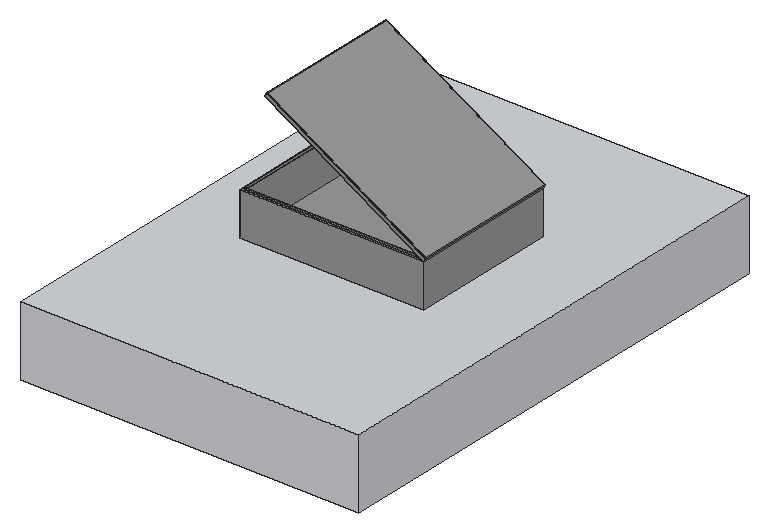
Revit family "Hager-Univers-IP54-D205-H650-Cl.II-Encl-CH-it", category Equipement électrique, Revit 2020
Family settings
  Hôte = Face
  Configuration du panneau = Deux colonnes, circuits au sein
  Cote de connecteur circulaire = Utiliser le diamètre
  Type d'élément = Tableau de raccordement
  Couper avec des vides une fois chargée = Non
  Partagée = Non
  Point de calcul de pièce = Non
Parameters (values of type "A parete IP54 L800 A650 P205  - FP43QSW")
  Width Control [instance] = if([EF000008 - Larghezza] > Min Width, [EF000008 - Larghezza], Min Width)  # 800 mm
  Commentaires du type = [HG000003 - Gamma]  # "Univers"
  Thickness Door [instance] = if([EF009171 - spessore materiale porta/coperchio] > 3 mm, 3 mm, [EF009171 - spessore materiale porta/coperchio])  # 1 mm
  Seal Frame Offset [instance] = 17 mm  # constant formula
  Plinth Visibility [instance] = [HG000027 - Altezza dello zoccolo] > 0 mm  # no
  Model = ""
  Min Width [instance] = 100 mm  # constant formula
  Min Height [instance] = 100 mm  # constant formula
  Min Depth [instance] = (2 * [EF009170 - spessore materiale scatola]) + 1 mm  # 3 mm
  Internal Frame Depth [instance] = (Door System Depth * 0.5)  # 9 mm
  Height Control [instance] = if([EF000040 - Altezza] > Min Height, [EF000040 - Altezza], Min Height)  # 650 mm
  HG000027 - Altezza dello zoccolo = 0 mm
  HG000026 - A pavimento = no
  HG000024 - Altezza della sezione inferiore = 800 mm
  HG000023 - Custodia a doppia sezione = no
  HG000016 - Visibilità delle porte nella vista 3D [instance] = yes
  HG000015 - Visibilità attraverso la porta [instance] = no
  HG000014 - Porta destra [instance] = yes
  HG000013 - Porta sinistra [instance] = not([HG000014 - Porta destra])  # no
  HG000012 - Angolo di apertura della porta [instance] = 30.00°
  HG000010 - Porte asimmetriche = no
  HG000009 - Porta doppia a battente = no
  HG000006 - Ad incasso = no
  HG000004 - Codice produttore = "FP43QSW"
  HG000003 - Gamma = "Univers"
  HG000002 - Con porta = yes
  Frame Offset Bottom [instance] = 10 mm  # constant formula
  Frame Offset [instance] = 15 mm  # constant formula
  EF015940 - Coprire con rilascio di sovrapressione = no
  EF011959 - tipo di protezione (NEMA) = ""
  EF009554 - numero delle aperture per la piastra della flangia = 6
  Fabricant = "Hager"  # constant formula
  EF009212 - esecuzione coperchio = "EV000116 - chiuso"
  EF009171 - spessore materiale porta/coperchio = 1 mm
  EF009170 - spessore materiale scatola = 1 mm
  EF008873 - corrente nominale (In) = 250 A
  EF007800 - adatto per parafulmine = no
  EF006306 - con serratura = no
  EF006244 - coperchio/porta trasparente = no
  EF005474 - grado di protezione (IP) = "EV006419 - IP54"
  EF004464 - tipo di porta = "EV002646 - singolo"
  EF004427 - numero di moduli = 144
  EF004293 - resistenza agli urti = "EV006815 - IK09"
  EF003532 - adatto per uso esterno = no
  EF002950 - Numero moduli DIN = 36
  EF001613 - Integrità del circuito = "EV000494 - senza"
  EF001596 - Attacco Lampada = "EV000179 - acciaio"
  EF001131 - profondità interna = 130 mm
  EF001088 - possibilità di applicazione = yes
  EF000437 - numero di ingressi per conduttori = 6
  EF000339 - tipo di copertura = "EV001012 - coperchio"
  EF000266 - numero di file = 4
  EF000218 - profondità di incasso = 0 mm
  EF000118 - con piastra di montaggio = no
  EF000116 - numero RAL = "9010"
  EF000049 - profondità = 205 mm
  EF000040 - Altezza = 650 mm
  EF000008 - Larghezza = 800 mm
  EF000007 - colore = "EV000202 - bianco"
  EF000003 - Tipo di montaggio = "EV000384 - A parete"
  Door System Leaf Tolerance [instance] = 1.5 mm  # constant formula
  Door System Depth [instance] = 18 mm  # constant formula
  Door Height [instance] = Height Control - [HG000027 - Altezza dello zoccolo]  # 650 mm
  Depth Control [instance] = if([EF000049 - profondità] > Min Depth, [EF000049 - profondità], Min Depth)  # 205 mm
  Default Elevation = 0 mm
  Connector Offset [instance] = Height Control / 2  # 325 mm
  Bottom Top Plate Trim [instance] = 1.5 mm  # constant formula
  Plinth height Ctrl [instance] = if([HG000027 - Altezza dello zoccolo] > 0 mm, [HG000027 - Altezza dello zoccolo], 12 mm)  # 12 mm
Types (4, lengths in mm): name | Width Control | HG000004 - Codice produttore | EF009554 - numero delle aperture per la piastra della flangia | EF004464 - tipo di porta | EF004427 - numero di moduli | EF002950 - Numero moduli DIN | EF001131 - profondità interna | EF000437 - numero di ingressi per conduttori | EF000008 - Larghezza
  A parete IP54 L1050 A650 P205  - FP44QSW | 1050 | "FP44QSW" | 8 | "EV003602 - doppio" | 192 | 48 | 130 | 8 | 1050
  A parete IP54 L300 A650 P205  - FP41QSW | 300 | "FP41QSW" | 2 | "EV002646 - singolo" | 48 | 12 | 143 | 2 | 300
  A parete IP54 L550 A650 P205  - FP42QSW | 550 | "FP42QSW" | 4 | "EV002646 - singolo" | 96 | 24 | 143 | 4 | 550
  A parete IP54 L800 A650 P205  - FP43QSW | 800 | "FP43QSW" | 6 | "EV002646 - singolo" | 144 | 36 | 130 | 6 | 800
Reference planes
  plane 1 "Center (Front/Back)": y = 0
  plane 2: z = 0
  plane 3 "Center (Left/Right)": x = 0
  plane 4: z = 205
  plane 5: y = 1
  plane 6: y = 325
  plane 7: y = 0
  plane 8: y = 650
  plane 9: z = 0
  plane 10: x = -385
  plane 11: x = 385
  plane 12: x = 384
  plane 13: x = -384
  plane 14: y = 649
  plane 15: x = -383
  plane 16: x = -400
  plane 17: x = 383
  plane 18: x = 400
  plane 19: x = 399
  plane 20: x = -399
  plane 21: y = 11
  plane 22: y = 650
  plane 23: y = 634
  plane 24: z = 187
  plane 25: z = 1
  plane 26: z = 186
  plane 27: z = 204
Forms (mm)
  Extrusion 1, solid
    sketch origin (0, 0, 0) x (1, 0, 0) y (0, 1, 0)
      loop
        line (-702.964, 1305) -> (-702.964, -811.445) -> (766.763, -811.445) -> (766.763, 1305) -> (-702.964, 1305)
    from 0 to -304.8
  Extrusion 2, solid, material "Hager_Steel_RAL7035_Light_Grey", visible <- "Plinth Visibility", detail levels medium+fine
    sketch origin (0, 0, 0) x (1, 0, 0) y (0, 1, 0)
      loop
        line (-400, 0) -> (400, 0) -> (400, 12) -> (-400, 12) -> (-400, 0)
    from 0 to 187
  Extrusion 3, solid, material "Hager_Steel_RAL7035_Light_Grey", detail levels medium+fine
    sketch origin (0, 0, 0) x (1, 0, 0) y (0, 1, 0)
      loop
        line (-400, 0) -> (400, 0) -> (400, 650) -> (-400, 650) -> (-400, 0)
    from 0 to 187
  Extrusion 4, void
    sketch origin (0, 0, 0) x (1, 0, 0) y (0, 1, 0)
      loop
        line (-399, 1) -> (399, 1) -> (399, 649) -> (-399, 649) -> (-399, 1)
    from 1 to 186
  Extrusion 5, void
    sketch origin (-381.607, -4572, 187) x (0, -1, 0) y (-1, 0, 0)
      loop
        line (-4583, 2.393) -> (-5206, 2.393) -> (-5206, -765.607) -> (-4583, -765.607) -> (-4583, 2.393)
    from 0 to 1 <- "EF009170 - spessore materiale scatola"
  Extrusion 6, solid, material "Hager_Steel_RAL7035_Light_Grey", detail levels fine
    sketch origin (0, 0, 187) x (1, 0, 0) y (0, 1, 0)
      loop
        line (-384, 634) -> (-384, 11) -> (384, 11) -> (384, 634) -> (-384, 634)
      loop
        line (-385, 10) -> (385, 10) -> (385, 635) -> (-385, 635) -> (-385, 10)
    from 0 to 9 <- "Internal Frame Depth"
  Extrusion 7, solid, material "Hager_Steel_RAL7035_Light_Grey", detail levels coarse
    sketch origin (0, 0, 0) x (1, 0, 0) y (0, 1, 0)
      loop
        line (-400, 0) -> (400, 0) -> (400, 650) -> (-400, 650) -> (-400, 0)
    from 0 to 205
  Sweep 8, void
    path in 3D
      loop
        line (-400, 12, 0) -> (400, 12, 0) -> (400, 12, 187) -> (-400, 12, 187) -> (-400, 12, 0)
    profile origin (-400, 12, 93.5) x (-1, 0, 0) y (0, -1, 0)
      loop
        line (0, 0) -> (0, 1.5) -> (-1.5, 1.5)
        arc (-1.5, 1.5) -> (-1.061, 0.439) -> (0, 0) r 1.5
Cuts and joins
  Extrusion 4, Extrusion 5 cuts Extrusion 3
  Sweep 8 cuts Extrusion 2
Lines and regions (mm)
  Masking region 1
    outline origin (0, 0, 0) x (1, 0, 0) y (0, 0, 1)
      loop
        line (-400, 205) -> (-400, 0) -> (400, 0) -> (400, 205) -> (-400, 205)
  Masking region 2, detail levels medium+fine
    outline origin (0, 140, 0) x (0, 1, 0) y (0, 0, 1)
      loop
        line (-140, 0) -> (510, 0) -> (510, 187) -> (-140, 187) -> (-140, 0)
  Masking region 3, not visible, detail levels medium+fine
    outline origin (0, 297.922, 0) x (0, 1, 0) y (0, 0, 1)
      loop
        line (38.578, 0) -> (78.578, 0) -> (78.578, 194)
        arc (78.578, 194) -> (75.649, 201.071) -> (68.578, 204) r 10
        line (68.578, 204) -> (38.578, 204) -> (38.578, 0)
  Masking region 4, detail levels coarse
    outline origin (0, 0, 180) x (0, 1, 0) y (0, 0, 1)
      loop
        line (0, -180) -> (650, -180) -> (650, 25) -> (0, 25) -> (0, -180)
  Masking region 5, visible <- "Plinth Visibility", detail levels medium+fine
    outline origin (0, 52.24, 12.345) x (0, 0, -1) y (0, 1, 0)
      loop
        line (10.845, -40.24) -> (-173.155, -40.24)
        arc (-173.155, -40.24) -> (-173.594, -41.301) -> (-174.655, -41.74) r 1.5
        line (-174.655, -41.74) -> (-174.655, -52.24) -> (12.345, -52.24) -> (12.345, -41.74)
        arc (12.345, -41.74) -> (11.285, -41.301) -> (10.845, -40.24) r 1.5
  Masking region 6, detail levels medium+fine
    outline origin (-381.607, -4572, 187) x (-1, 0, 0) y (0, -1, 0)
      loop
        line (18.393, -5222) -> (18.393, -4572) -> (-781.607, -4572) -> (-781.607, -5222) -> (18.393, -5222)
  Masking region 7, visible <- "Plinth Visibility", detail levels medium+fine
    outline origin (-381.607, -4727, 187) x (-1, 0, 0) y (0, -1, 0)
      loop
        arc (16.893, -4739) -> (17.332, -4737.939) -> (18.393, -4737.5) r 1.5
        line (18.393, -4737.5) -> (18.393, -4727) -> (-781.607, -4727) -> (-781.607, -4737.5)
        arc (-781.607, -4737.5) -> (-780.546, -4737.939) -> (-780.107, -4739) r 1.5
        line (-780.107, -4739) -> (16.893, -4739)
  Masking region 8, detail levels coarse
    outline origin (-442.548, -4669.526, 187) x (-1, 0, 0) y (0, -1, 0)
      loop
        line (-42.548, -5319.526) -> (-42.548, -4669.526) -> (-842.548, -4669.526) -> (-842.548, -5319.526) -> (-42.548, -5319.526)
  sketch lines
    curve 1: line (-400, 12, 187) -> (-400, 12, 0)
    curve 2: line (400, 12, 187) -> (-400, 12, 187)
    curve 3: line (400, 12, 187) -> (400, 12, 0)
    curve 4: line (-400, 12, 0) -> (400, 12, 0)
Dimensions and locks
  "Depth Control": plane 4 to Extrusion 1
  "HG000027 - Altezza dello zoccolo": plane 1 "Center (Front/Back)" to plane 7
  "EF009170 - spessore materiale scatola": plane 5 to plane 7
  locked: connector elem to plane 3 "Center (Left/Right)"
  equal spacing: plane 8, plane 6, plane 7
  locked: connector elem to plane 6
  "EF009170 - spessore materiale scatola": plane 8 to plane 14
  "EF009170 - spessore materiale scatola": plane 10 to plane 13
  "EF009170 - spessore materiale scatola": plane 12 to plane 11
  "Frame Offset": plane 20 to plane 13
  "Frame Offset": plane 12 to plane 19
  "EF009170 - spessore materiale scatola": plane 16 to plane 20
  "EF009170 - spessore materiale scatola": plane 19 to plane 18
  "Seal Frame Offset": plane 16 to plane 15
  "Seal Frame Offset": plane 17 to plane 18
  "Frame Offset Bottom": plane 21 to plane 5
  "Frame Offset": plane 14 to plane 23
  equal spacing: plane 16, plane 3 "Center (Left/Right)", plane 18
  "Width Control": plane 16 to plane 18
  "EF009170 - spessore materiale scatola": plane 4 to plane 27
  "EF009170 - spessore materiale scatola": plane 24 to plane 26
  "EF009170 - spessore materiale scatola": plane 25 to level
  "Door System Depth": plane 4 to plane 24
  "Height Control": plane 1 "Center (Front/Back)" to Extrusion 7 sketch curve
  "Height Control": Masking region 4 sketch curve to plane 1 "Center (Front/Back)"
  "Height Control": plane 1 "Center (Front/Back)" to plane 22
  "Bottom Top Plate Trim": profile plane to Sweep 8 sketch curve
  "Bottom Top Plate Trim": Sweep 8 sketch curve to profile plane
  "Plinth height Ctrl": plane 1 "Center (Front/Back)" to Extrusion 2 sketch curve
  "Plinth height Ctrl": Masking region 5 sketch curve to plane 1 "Center (Front/Back)"
  "Plinth height Ctrl": plane 1 "Center (Front/Back)" to Masking region 7 sketch curve
  "Thickness Door": Extrusion 6 sketch curve to Extrusion 6 sketch curve  (x3)
  "Thickness Door": cut or joined group of Extrusion 3, Extrusion 4, Extrusion 5 to Extrusion 6 sketch curve
  radius of Masking region 3 sketch curve = 10 mm
  "Bottom Top Plate Trim": radius of Masking region 5 sketch curve  (x2)
  "Bottom Top Plate Trim": radius of Sweep 8 sketch curve
  "Bottom Top Plate Trim": radius of Masking region 7 sketch curve  (x2)
  aligned and locked: plane 2 to Extrusion 1
  aligned and locked: level to Extrusion 1
  aligned and locked: level to Masking region 1 sketch curve
  aligned and locked: Masking region 1 sketch curve to plane 18
  aligned and locked: Masking region 1 sketch curve to plane 16
  aligned and locked: plane 7 to Masking region 2 sketch curve
  aligned and locked: level to Masking region 3 sketch curve
  aligned and locked: Masking region 3 sketch curve to plane 27
  aligned and locked: level to Masking region 2 sketch curve
  aligned and locked: plane 1 "Center (Front/Back)" to Extrusion 2 sketch curve
  aligned and locked: Extrusion 3 sketch curve to plane 7
  aligned and locked: plane 16 to Extrusion 3 sketch curve
  aligned and locked: plane 18 to Extrusion 3 sketch curve
  aligned and locked: plane 20 to Extrusion 4 sketch curve
  aligned and locked: plane 19 to Extrusion 4 sketch curve
  aligned and locked: Extrusion 4 sketch curve to plane 5
  aligned and locked: Extrusion 4 to plane 25
  aligned and locked: plane 26 to Extrusion 4
  aligned and locked: plane 24 to Extrusion 3
  aligned and locked: Extrusion 5 sketch curve to plane 21
  aligned and locked: Extrusion 5 sketch curve to plane 13
  aligned and locked: Extrusion 5 sketch curve to plane 12
  aligned and locked: plane 18 to Extrusion 7 sketch curve
  aligned and locked: plane 1 "Center (Front/Back)" to Extrusion 7 sketch curve
  aligned and locked: plane 16 to Extrusion 7 sketch curve
  aligned and locked: plane 4 to Extrusion 7
  aligned and locked: Extrusion 7 to level
  aligned and locked: level to Masking region 4 sketch curve
  aligned and locked: Masking region 4 sketch curve to plane 1 "Center (Front/Back)"
  aligned and locked: Masking region 4 sketch curve to plane 4
  aligned and locked: nested 1 to level
  aligned and locked: nested 1 to plane 16
  aligned and locked: plane 8 to Extrusion 3 sketch curve
  aligned and locked: plane 23 to Extrusion 5 sketch curve
  aligned and locked: plane 14 to Extrusion 4 sketch curve
  aligned and locked: Masking region 2 sketch curve to plane 8
  aligned and locked: level to Masking region 5 sketch curve
  aligned and locked: plane 16 to Extrusion 2 sketch curve
  aligned and locked: plane 18 to Extrusion 2 sketch curve
  aligned and locked: Masking region 5 sketch curve to plane 24
  aligned and locked: Masking region 2 sketch curve to plane 24
  aligned and locked: plane 24 to Extrusion 2
  aligned and locked: profile plane to Sweep 8 sketch curve  (x2)
  aligned and locked: Masking region 6 sketch curve to plane 18
  aligned and locked: Masking region 6 sketch curve to plane 22
  aligned and locked: Masking region 6 sketch curve to plane 16
  aligned and locked: plane 8 to plane 22
  aligned and locked: Masking region 6 sketch curve to plane 7
  aligned and locked: Masking region 7 sketch curve to plane 16
  aligned and locked: Masking region 7 sketch curve to plane 1 "Center (Front/Back)"
  aligned and locked: Masking region 7 sketch curve to plane 18
  aligned and locked: Masking region 8 sketch curve to plane 1 "Center (Front/Back)"
  aligned and locked: Masking region 8 sketch curve to plane 18
  aligned and locked: Masking region 8 sketch curve to plane 22
  aligned and locked: Masking region 8 sketch curve to plane 16
  aligned and locked: nested 2 to plane 7
  aligned and locked: plane 3 "Center (Left/Right)" to nested 2
  aligned and locked: nested 2 to plane 24
  aligned and locked: Extrusion 6 sketch curve to cut or joined group of Extrusion 3, Extrusion 4, Extrusion 5  (x4)
Automatic sketch dimensions
  Extrusion 1 sketch curve to Extrusion 1 sketch curve = 1469.727 mm
  Extrusion 1 sketch curve to Extrusion 1 sketch curve = 2116.445 mm
  Masking region 1 sketch curve to plane 4 = 0 mm
  plane 6 to Masking region 3 sketch curve = 11.5 mm
  Masking region 3 sketch curve to Masking region 3 sketch curve = 30 mm
  Masking region 5 sketch curve to plane 1 "Center (Front/Back)" = 0 mm
Nested families
  nested 1: "Hager_Enclosure_Symbol" at (-400, 0, 0) x (1, 0, 0) z (0, -1, 0), Height <- "Depth Control", Width <- "Width Control", type "Hager_Enclosure_Symbol"
    with Width_Ctrl 800 mm, Width 800 mm, Height_Ctrl 205 mm, Height 205 mm, A_Width_Int 13.453 mm, A_Width 161.438 mm, A_Height_Ctrl 179.375 mm, A_Height 179.375 mm
  nested 2: "EC000058_Univers_Door" at (0, 0, 187) x (1, 0, 0) z (0, 1, 0), Leaf_Tolerance <- "Door System Leaf Tolerance", Angle <- "HG000012 - Angolo di apertura della porta", Door_Depth <- "Door System Depth", Door_Left <- "HG000013 - Porta sinistra", Transparent <- "EF006244 - coperchio/porta trasparente", Assymetrical <- "HG000010 - Porte asimmetriche", Width <- "Width Control", Clearance <- "HG000015 - Visibilità attraverso la porta", Double <- "HG000009 - Porta doppia a battente", 3d_Door <- "HG000016 - Visibilità delle porte nella vista 3D", Lock_Visibility <- "EF006306 - con serratura", Width_Ctrl <- "Width Control", Door_Right <- "HG000014 - Porta destra", Door <- "HG000002 - Con porta", Height <- "Door Height", Thickness <- "Thickness Door", type "EC000058_Univers_Door", detail levels medium+fine
    with min_wh 3 mm, Width_Ctrl 800 mm, Width 800 mm, Transparent no, Thickness 1 mm, Seal_Material Hager_Rubber, Lock_Visibility no, Lock_Material Hager_Plastic_RAL9005_Jet_Black, Leaf_Width 800 mm, Leaf_Tolerance_External_Sides 0 mm, Leaf_Tolerance 1.5 mm, Leaf_Offset 0 mm, Leaf_Height 647 mm, Leaf_2_Width 800 mm, Leaf_2_Offset 400 mm, Leaf_1_Width 800 mm, Leaf_1_Offset 400 mm, Height_Ctrl 650 mm, Height 650 mm, Glass_Material Hager_Glass, Double_Clearance_Ctrl no, Double no, Door_Right_Ctrl yes, Door_Right yes, Door_Material Hager_Steel_RAL7035_Light_Grey, Door_Left_Ctrl no, Door_Left no, Door_Depth 18 mm, Door yes, Clearance_Material Hager_Clearance, Clearance_Depth 800 mm, Clearance_Ctrl no, Clearance no, Assymetrical no, Angle 30.00°, 3d_Door yes
Connectors
  electrical at (0, 325, 0)
    settings: on plane 9, index 1, voltage 0 V, apparent load 0 VA, apparent load phase1 0 VA, apparent load phase2 0 VA, apparent load phase3 0 VA, power factor 1, load classification "Other", number of poles 1, system type 30, power factor state 1, is connector primary yes, connector utility no, sub classification motor no, connector description ""
Definition of nested family "EC000058_Univers_Door"
  Parameters (values of type "EC000058_Univers_Door")
    min_wh [instance] = (2 * Thickness) + 1 mm  # 11 mm
    Width_Ctrl [instance] = 400 mm
    Width [instance] = 500 mm
    Transparent [instance] = yes
    Thickness [instance] = 5 mm
    Seal_Material [instance] = none
    Lock_Visibility [instance] = yes
    Lock_Material [instance] = none
    Leaf_Width [instance] = if((Width_Ctrl - 2 * Leaf_Tolerance_External_Sides) > 0 mm, (Width_Ctrl - 2 * Leaf_Tolerance_External_Sides), min_wh)  # 400 mm
    Leaf_Tolerance_External_Sides [instance] = 0 mm  # constant formula
    Leaf_Tolerance [instance] = 1.5 mm
    Leaf_Offset [instance] = 0 mm  # constant formula
    Leaf_Height [instance] = if((Height_Ctrl - 2 * Leaf_Tolerance) > 0 mm, (Height_Ctrl - 2 * Leaf_Tolerance), min_wh)  # 497 mm
    Leaf_2_Width [instance] = if(and(and(Double, Assymetrical), Door_Left), (Leaf_Width / 3) - (Leaf_Tolerance / 2), if(and(and(Double, Assymetrical), Door_Right), (Leaf_Width / 3) * 2 - (Leaf_Tolerance / 2), if(and(Double, not(Assymetrical)), (Leaf_Width / 2) - Leaf_Tolerance, Leaf_Width)))  # 400 mm
    Leaf_2_Offset [instance] = if(and(Double, Assymetrical), Leaf_2_Width / 2, if(and(Double, not(Assymetrical)), Leaf_Width / 4, Leaf_Width / 2))  # 200 mm
    Leaf_1_Width [instance] = if(and(and(Double, Assymetrical), Door_Right), (Leaf_Width / 3) - (Leaf_Tolerance / 2), if(and(and(Double, Assymetrical), Door_Left), (Width / 3) * 2 - (Leaf_Tolerance / 2), if(and(Double, not(Assymetrical)), (Leaf_Width / 2) - Leaf_Tolerance, Leaf_Width)))  # 400 mm
    Leaf_1_Offset [instance] = if(and(Double, Assymetrical), Leaf_1_Width / 2, if(and(Double, not(Assymetrical)), Leaf_Width / 4, Leaf_Width / 2))  # 200 mm
    Height_Ctrl [instance] = if(Height > min_wh, Height, min_wh)  # 500 mm
    Height [instance] = 500 mm
    Glass_Material [instance] = none
    Double_Clearance_Ctrl [instance] = and(Double, Clearance)  # no
    Double [instance] = no
    Door_Right_Ctrl [instance] = and(or(Door_Right, Double), Door)  # yes
    Door_Right [instance] = yes
    Door_Material [instance] = none
    Door_Left_Ctrl [instance] = and(or(Door_Left, Double), Door)  # no
    Door_Left [instance] = no
    Door_Depth [instance] = 30 mm
    Door [instance] = yes
    Default Elevation = 1219.2 mm
    Clearance_Material [instance] = none
    Clearance_Depth [instance] = if(Leaf_1_Width > Leaf_2_Width, Leaf_1_Width, Leaf_2_Width)  # 400 mm
    Clearance_Ctrl [instance] = and(not(Double), Clearance)  # yes
    Clearance [instance] = yes
    Assymetrical [instance] = yes
    Angle [instance] = 30.00°
    3d_Door [instance] = yes
  Reference planes
    plane 1 "Center (Front/Back)": y = 0
    plane 2 "Bottom": z = 0
    plane 3 "Center (Left/Right)": x = 0
    plane 4: z = 500
    plane 5: x = -200
    plane 6: x = 200
    plane 7: z = 500
    plane 8: x = -200
    plane 9: z = 0
    plane 10: x = 200
    plane 11: y = 0
    plane 12: z = 1.5
    plane 13: x = -600
    plane 14: y = -400
    plane 15: x = 600
    plane 16: x = 0
    plane 17: x = 0
    plane 18: x = -200
    plane 19: x = 200
    plane 20: z = 498.5
  Forms (mm)
    Extrusion 1, solid, material <- "Clearance_Material", visible <- "Double_Clearance_Ctrl"
      sketch origin (1200, 0, 0) x (1, 0, 0) y (0, 0, -1)
        loop
          line (-1800, -498.5) -> (-600, -498.5) -> (-600, 0) -> (-1800, 0) -> (-1800, -498.5)
      from 0 to -400
  Dimensions and locks
    equal spacing: plane 5, plane 3 "Center (Left/Right)", plane 6
    "Width_Ctrl": plane 5 to plane 6
    "Leaf_Offset": plane 5 to plane 8
    "Leaf_Offset": plane 6 to plane 10
    "Leaf_Offset": plane 9 to level
    "Leaf_Offset": plane 4 to plane 7
    "Height_Ctrl": plane 4 to level
    "Leaf_Tolerance": plane 12 to plane 9
    locked: plane 11 to plane 1 "Center (Front/Back)"
    "Leaf_1_Offset": plane 18 to plane 16
    "Leaf_2_Offset": plane 17 to plane 19
    "Leaf_1_Width": plane 13 to plane 8
    "Leaf_2_Width": plane 10 to plane 15
    "Clearance_Depth": plane 14 to plane 1 "Center (Front/Back)"
    "Leaf_Tolerance_External_Sides": plane 8 to plane 18
    "Leaf_Tolerance_External_Sides": plane 19 to plane 10
    "Leaf_Tolerance": plane 7 to plane 20
    aligned and locked: level to plane 2 "Bottom"
    aligned and locked: nested 1 to plane 16
    aligned and locked: nested 2 to plane 17
    aligned and locked: Extrusion 1 to plane 13
    aligned and locked: plane 15 to Extrusion 1
    aligned and locked: Extrusion 1 to plane 14
    aligned and locked: plane 12 to nested 1
    aligned and locked: nested 2 to plane 12
    aligned and locked: Extrusion 1 to plane 11
    aligned and locked: plane 20 to Extrusion 1
    aligned and locked: nested 2 to plane 11
    aligned and locked: nested 1 to plane 11
  Automatic sketch dimensions
    Extrusion 1 sketch curve to level = 0 mm
    plane 5 to Extrusion 1 sketch curve = 400 mm
    plane 6 to Extrusion 1 sketch curve = 400 mm
    Extrusion 1 sketch curve to plane 4 = 1.5 mm
  Nested families
    nested 1: "EC000058_Univers_Door_Leaf" at (0, 0, 1.5), Width <- "Leaf_1_Width", visible <- "Door_Left_Ctrl", Leaf_Height <- "Leaf_Height", Angle <- "Angle", 3d_Door <- "3d_Door", Transparent <- "Transparent", Clearance Material <- "Clearance_Material", Clearance <- "Clearance_Ctrl", Door_Material <- "Door_Material", Glass_Material <- "Glass_Material", Door_Depth <- "Door_Depth", Lock_Material <- "Lock_Material", Seal_Material <- "Seal_Material", Lock_Visibility <- "Lock_Visibility", Thickness <- "Thickness", type "EC000058_Univers_Door_Leaf"
      with Width 400 mm, Transparent_Glass_Offset 30 mm, Transparent_Ctrl yes, Transparent yes, Thickness 5 mm, Standard no, Seal_Material none, Seal_D2 8 mm, Seal_D1 1 mm, Offset_Internal_Frame 10 mm, Lock_Width 20 mm, Lock_Visibility_3d yes, Lock_Visibility yes, Lock_Thickness_3 3 mm, Lock_Thickness_2 1 mm, Lock_Thickness_1 3 mm, Lock_Radius_Offset_2 16 mm, Lock_Radius_Offset_1 15 mm, Lock_Radius_2 5 mm, Lock_Radius 6 mm, Lock_Offset 5 mm, Lock_Material none, Lock_Height 80 mm, Lock_Cover_Top_Offset_2d 17 mm, Lock_Cover_Height -65 mm, Leaf_Height 497 mm, Internal_Seal_Thickness 8 mm, Internal_Seal_Depth_2 4.5 mm, Internal_Frame_Depth 25 mm, Glass_Thickness -1 mm, Glass_Offset -2 mm, Glass_Material none, Door_Material none, Door_Depth 30 mm, Clearance Material none, Clearance yes, Angle_Ctrl 30.00°, Angle 30.00°, 3d_Door yes
    nested 2: "EC000058_Univers_Door_Leaf" at (0, 0, 1.5) x (-1, 0, 0) z (0, 0, 1), Width <- "Leaf_2_Width", visible <- "Door_Right_Ctrl", Leaf_Height <- "Leaf_Height", Angle <- "Angle", 3d_Door <- "3d_Door", Transparent <- "Transparent", Clearance Material <- "Clearance_Material", Clearance <- "Clearance_Ctrl", Door_Material <- "Door_Material", Glass_Material <- "Glass_Material", Door_Depth <- "Door_Depth", Lock_Material <- "Lock_Material", Seal_Material <- "Seal_Material", Lock_Visibility <- "Lock_Visibility", Thickness <- "Thickness", type "EC000058_Univers_Door_Leaf"
      with Width 400 mm, Transparent_Glass_Offset 30 mm, Transparent_Ctrl yes, Transparent yes, Thickness 5 mm, Standard no, Seal_Material none, Seal_D2 8 mm, Seal_D1 1 mm, Offset_Internal_Frame 10 mm, Lock_Width 20 mm, Lock_Visibility_3d yes, Lock_Visibility yes, Lock_Thickness_3 3 mm, Lock_Thickness_2 1 mm, Lock_Thickness_1 3 mm, Lock_Radius_Offset_2 16 mm, Lock_Radius_Offset_1 15 mm, Lock_Radius_2 5 mm, Lock_Radius 6 mm, Lock_Offset 5 mm, Lock_Material none, Lock_Height 80 mm, Lock_Cover_Top_Offset_2d 17 mm, Lock_Cover_Height -65 mm, Leaf_Height 497 mm, Internal_Seal_Thickness 8 mm, Internal_Seal_Depth_2 4.5 mm, Internal_Frame_Depth 25 mm, Glass_Thickness -1 mm, Glass_Offset -2 mm, Glass_Material none, Door_Material none, Door_Depth 30 mm, Clearance Material none, Clearance yes, Angle_Ctrl 30.00°, Angle 30.00°, 3d_Door yes
  Definition of nested family "EC000058_Univers_Door_Leaf"
    Parameters (values of type "EC000058_Univers_Door_Leaf")
      Width [instance] = 2000 mm
      Transparent_Glass_Offset [instance] = 30 mm
      Transparent_Ctrl [instance] = and(Transparent, [3d_Door])  # yes
      Transparent [instance] = yes
      Thickness [instance] = 5 mm
      Standard [instance] = and(not(Transparent), [3d_Door])  # no
      Seal_Material [instance] = none
      Seal_D2 [instance] = 8 mm  # constant formula
      Seal_D1 [instance] = 1 mm  # constant formula
      Offset_Internal_Frame [instance] = 10 mm  # constant formula
      Lock_Width [instance] = 20 mm  # constant formula
      Lock_Visibility_3d [instance] = and(Lock_Visibility, [3d_Door])  # yes
      Lock_Visibility [instance] = yes
      Lock_Thickness_3 [instance] = 3 mm  # constant formula
      Lock_Thickness_2 [instance] = 1 mm  # constant formula
      Lock_Thickness_1 [instance] = 3 mm  # constant formula
      Lock_Radius_Offset_2 [instance] = Lock_Radius_Offset_1 + 1 mm  # 16 mm
      Lock_Radius_Offset_1 [instance] = 15 mm  # constant formula
      Lock_Radius_2 [instance] = Lock_Radius - 1 mm  # 5 mm
      Lock_Radius [instance] = 6 mm  # constant formula
      Lock_Offset [instance] = 5 mm  # constant formula
      Lock_Material [instance] = none
      Lock_Height [instance] = 80 mm  # constant formula
      Lock_Cover_Top_Offset_2d [instance] = Lock_Radius_Offset_2 + 1 mm  # 17 mm
      Lock_Cover_Height [instance] = -(Lock_Height - Lock_Radius_Offset_1)  # -65 mm
      Leaf_Height [instance] = 2720.336 mm
      Internal_Seal_Thickness [instance] = 8 mm  # constant formula
      Internal_Seal_Depth_2 [instance] = 4.5 mm  # constant formula
      Internal_Frame_Depth [instance] = if(Door_Depth - Thickness > 5 mm, Door_Depth - Thickness, 5 mm)  # 25 mm
      Glass_Thickness [instance] = if(Thickness > 15 mm, Glass_Offset + 10 mm, -1 mm)  # -1 mm
      Glass_Offset [instance] = if(Thickness > 15 mm, -(Thickness + 10 mm) / 2, -2 mm)  # -2 mm
      Glass_Material [instance] = none
      Door_Material [instance] = none
      Door_Depth [instance] = 30 mm
      Default Elevation = 0 mm
      Clearance Material [instance] = none
      Clearance [instance] = yes
      Angle_Ctrl [instance] = if(Angle > 180.00°, 180.00°, Angle)  # 90.00°
      Angle [instance] = 90.00°
      3d_Door [instance] = yes
    Reference planes
      plane 1 "Center (Front/Back)": y = 0
      plane 2: z = 0
      plane 3 "Center (Left/Right)": x = 0
      plane 4: y = 2000
      plane 5: x = -1000
      plane 6: x = 1000
      plane 7: x = -3000
      plane 8: z = 2720.336
      plane 9: z = 30
      plane 10: z = 2690.336
      plane 11: x = 970
      plane 12: x = -970
      plane 13: y = -3
      plane 14: z = 107.833
      plane 15: y = -5
      plane 16: y = -223.314
      plane 17: x = -1000
      plane 18: z = 1360.168
      plane 19: y = 30
    Forms (mm)
      Extrusion 1, solid, material <- "Clearance Material", visible <- "Clearance"
        sketch origin (0, 0, 0) x (1, 0, 0) y (0, 0, 1)
          loop
            line (-3000, 2720.336) -> (-3000, 0) -> (1000, 0) -> (1000, 2720.336) -> (-3000, 2720.336)
        from 0 to -2000
      Extrusion 2, solid, material <- "Door_Material", visible <- "Standard", detail levels medium+fine
        sketch origin (-1000, 0, 0) x (0, 1, 0) y (-1, 0, 0)
          loop
            line (0, 30) -> (0, 25) -> (2000, 25) -> (2000, 30) -> (0, 30)
        from 0 to 2720.336 <- "Leaf_Height"
      Extrusion 3, solid, material <- "Door_Material", visible <- "Transparent_Ctrl", detail levels medium+fine
        sketch origin (-1000, 0, 0) x (0, 1, 0) y (-1, 0, 0)
          loop
            line (0, 25) -> (2000, 25) -> (2000, 30) -> (0, 30) -> (0, 25)
        from 0 to 2720.336 <- "Leaf_Height"
      Extrusion 4, void
        sketch origin (-1025, 2000, 0) x (0, 1, 0) y (0, 0, -1)
          loop
            line (-30, -2690.336) -> (-30, -30) -> (-1970, -30) -> (-1970, -2690.336) -> (-30, -2690.336)
        from 0 to 5 <- "Thickness"
      Sweep 5, solid, material <- "Seal_Material", visible <- "Transparent_Ctrl", detail levels fine
        path in 3D
          loop
            line (-1025, 30, 30) -> (-1025, 30, 2690.336) -> (-1025, 1970, 2690.336) -> (-1025, 1970, 30) -> (-1025, 30, 30)
        profile origin (-1025, 1000, 30) x (1, 0, 0) y (0, 0, 1)
          loop
            line (0, 0) -> (0, -8) -> (1, -8) -> (1, 0) -> (0, 0)
      Extrusion 6, solid, material <- "Glass_Material", visible <- "Transparent_Ctrl", detail levels medium+fine
        sketch origin (-1030, 0, 0) x (0, 1, 0) y (0, 0, -1)
          loop
            line (1970, -2690.336) -> (1970, -30) -> (30, -30) -> (30, -2690.336) -> (1970, -2690.336)
        from -2 <- "Glass_Offset" to -1 <- "Glass_Thickness"
      Extrusion 7, solid, material <- "Door_Material", visible <- "3d_Door", detail levels medium+fine
        sketch origin (-1025, 2000, 0) x (0, -1, 0) y (0, 0, -1)
          loop
            line (0, -2720.336) -> (2000, -2720.336) -> (2000, 0) -> (0, 0) -> (0, -2720.336)
          loop
            line (1995, -5) -> (5, -5) -> (5, -2715.336) -> (1995, -2715.336) -> (1995, -5)
        from 0 to 25 <- "Internal_Frame_Depth"
      Sweep 8, solid, material <- "Seal_Material", visible <- "Transparent_Ctrl", detail levels fine
        path in 3D
          loop
            line (-1025, 0, 0) -> (-1025, 2000, 0) -> (-1025, 2000, 2720.336) -> (-1025, 0, 2720.336) -> (-1025, 0, 0)
        profile origin (-1025, 0, 1360.168) x (1, 0, 0) y (0, 1, 0)
          loop
            line (0, 10) -> (2.975, 10)
            arc (2.975, 10) -> (4.053, 10.447) -> (4.5, 11.525) r 1.525
            line (4.5, 11.525) -> (4.5, 16.527)
            arc (4.5, 16.527) -> (4.069, 17.569) -> (3.027, 18) r 1.473
            line (3.027, 18) -> (0, 18) -> (0, 10)
      Extrusion 9, solid, material <- "Lock_Material", visible <- "Lock_Visibility_3d", detail levels fine
        sketch origin (-1030, 0, 0) x (0, 1, 0) y (0, 0, -1)
          loop
            arc (1993.5, -1400.168) -> (1994.561, -1399.729) -> (1995, -1398.668) r 1.5
            line (1995, -1398.668) -> (1995, -1320.168) -> (1975, -1320.168) -> (1975, -1398.668)
            arc (1975, -1398.668) -> (1975.439, -1399.729) -> (1976.5, -1400.168) r 1.5
            line (1976.5, -1400.168) -> (1993.5, -1400.168)
        from 3 <- "Lock_Thickness_1" to 0
      Blend 10, solid, material <- "Lock_Material", visible <- "Lock_Visibility_3d", detail levels fine
        base sketch origin (-1033, 0, 0) x (0, 1, 0) y (0, 0, -1)
          loop
            line (1975, -1320.168) -> (1975, -1398.668)
            arc (1975, -1398.668) -> (1975.439, -1399.729) -> (1976.5, -1400.168) r 1.5
            line (1976.5, -1400.168) -> (1993.5, -1400.168)
            arc (1993.5, -1400.168) -> (1994.561, -1399.729) -> (1995, -1398.668) r 1.5
            line (1995, -1398.668) -> (1995, -1320.168) -> (1975, -1320.168)
        top sketch origin (-1033, 0, 0) x (0, 1, 0) y (0, 0, -1)
          loop
            line (1976, -1320.168) -> (1976, -1398.668)
            arc (1976, -1398.668) -> (1976.146, -1399.022) -> (1976.5, -1399.168) r 0.5
            line (1976.5, -1399.168) -> (1993.5, -1399.168)
            arc (1993.5, -1399.168) -> (1993.854, -1399.022) -> (1994, -1398.668) r 0.5
            line (1994, -1398.668) -> (1994, -1320.168) -> (1976, -1320.168)
        from 0 to 1 <- "Lock_Thickness_2"
      Blend 11, solid, material <- "Lock_Material", visible <- "Lock_Visibility_3d", detail levels fine
        base sketch origin (-1034, 0, 0) x (0, 1, 0) y (0, 0, -1)
          loop
            line (1978, -1320.168) -> (1978, -1384.168)
            arc (1978, -1384.168) -> (1985, -1391.168) -> (1992, -1384.168) r 7
            line (1992, -1384.168) -> (1992, -1320.168) -> (1978, -1320.168)
        top sketch origin (-1034, 0, 0) x (0, 1, 0) y (0, 0, -1)
          loop
            line (1991, -1320.168) -> (1979, -1320.168) -> (1979, -1383.168)
            arc (1979, -1383.168) -> (1985, -1389.168) -> (1991, -1383.168) r 6
            line (1991, -1383.168) -> (1991, -1320.168)
        from 0 to 3 <- "Lock_Thickness_3"
      Extrusion 12, solid, material <- "Lock_Material", visible <- "Lock_Visibility_3d", detail levels fine
        sketch origin (-1030, 1975, 1320.168) x (1, 0, 0) y (0, -1, 0)
          loop
            line (-7, -19) -> (-7, -1) -> (0, -1) -> (0, 0) -> (-8, 0) -> (-8, -20) -> (0, -20) -> (0, -19) -> (-7, -19)
        from 0 to -65 <- "Lock_Cover_Height"
      Extrusion 13, void
        sketch origin (-1038, 1995, 1320.168) x (-1, 0, 0) y (0, 0, -1)
          loop
            line (-5, -65) -> (0, -65) -> (-5, -60) -> (-5, -65)
        from 0 to 20 <- "Lock_Width"
      Extrusion 14, void
        sketch origin (-1038, 1975, 1320.168) x (0, -1, 0) y (0, 0, -1)
          loop
            circle (-10, -15.995) r 6
          loop
            circle (-10, -15.995) r 5
        from 0 to 2
      Extrusion 15, solid, material <- "Lock_Material", visible <- "Lock_Visibility_3d", detail levels medium
        sketch origin (-1030, 0, 0) x (0, 1, 0) y (0, 0, -1)
          loop
            arc (1993.5, -1400.168) -> (1994.561, -1399.729) -> (1995, -1398.668) r 1.5
            line (1995, -1398.668) -> (1995, -1320.168) -> (1975, -1320.168) -> (1975, -1398.668)
            arc (1975, -1398.668) -> (1975.439, -1399.729) -> (1976.5, -1400.168) r 1.5
            line (1976.5, -1400.168) -> (1993.5, -1400.168)
        from 8 to 0
    Cuts and joins
      Extrusion 4 cuts Extrusion 3
      Extrusion 13, Extrusion 14 cuts Extrusion 9
      Extrusion 14 cuts Blend 11
      Extrusion 13, Extrusion 14 cuts Extrusion 12
      joined: Extrusion 9, Blend 10, Blend 11, Extrusion 12
      Extrusion 14 cuts Extrusion 15
    Lines and regions (mm)
      Masking region 1, visible <- "Lock_Visibility", detail levels fine
        outline origin (0, 0, 0) x (0, 1, 0) y (0, 0, 1)
          loop
            line (30, 1320.168) -> (33, 1320.168) -> (33, 1400.168) -> (30, 1400.168) -> (30, 1320.168)
      Masking region 2, visible <- "Lock_Visibility", detail levels fine
        outline origin (0, 3.143, 0) x (0, 1, 0) y (0, 0, 1)
          loop
            line (29.857, 1354.168) -> (30.857, 1354.168) -> (30.857, 1366.168) -> (29.857, 1366.168) -> (29.857, 1354.168)
      Masking region 3, detail levels medium+fine
        outline origin (0, 0, 0) x (0, 1, 0) y (0, 0, 1)
          loop
            line (0, 0) -> (30, 0) -> (30, 2720.336) -> (0, 2720.336) -> (0, 0)
      Masking region 4, detail levels medium+fine
        outline origin (0, 0, 0) x (1, 0, 0) y (0, 0, 1)
          loop
            line (-1000, 2720.336) -> (-1000, 0) -> (1000, 0) -> (1000, 2720.336) -> (-1000, 2720.336)
      Masking region 5, visible <- "Lock_Visibility", detail levels fine
        outline origin (-47.116, 0, 0) x (1, 0, 0) y (0, 0, 1)
          loop
            arc (1024.616, 1399.168) -> (1023.556, 1398.729) -> (1023.116, 1397.668) r 1.5
            line (1023.116, 1397.668) -> (1023.116, 1320.168) -> (1041.116, 1320.168) -> (1041.116, 1397.668)
            arc (1041.116, 1397.668) -> (1040.677, 1398.729) -> (1039.616, 1399.168) r 1.5
            line (1039.616, 1399.168) -> (1024.616, 1399.168)
      Masking region 6, visible <- "Lock_Visibility", detail levels medium+fine
        outline origin (-25, 0, 0) x (1, 0, 0) y (0, 0, 1)
          loop
            arc (1001.5, 1400.168) -> (1000.439, 1399.729) -> (1000, 1398.668) r 1.5
            line (1000, 1398.668) -> (1000, 1320.168) -> (1020, 1320.168) -> (1020, 1398.668)
            arc (1020, 1398.668) -> (1019.561, 1399.729) -> (1018.5, 1400.168) r 1.5
            line (1018.5, 1400.168) -> (1001.5, 1400.168)
      Masking region 7, visible <- "Lock_Visibility", detail levels fine
        outline origin (-73.735, 0, 0) x (1, 0, 0) y (0, 0, 1)
          loop
            line (1051.735, 1382.168) -> (1065.735, 1382.168) -> (1065.735, 1384.168)
            arc (1065.735, 1384.168) -> (1058.735, 1391.168) -> (1051.735, 1384.168) r 7
            line (1051.735, 1384.168) -> (1051.735, 1382.168)
      Masking region 8, visible <- "Lock_Visibility", detail levels fine
        outline origin (-73.735, 0, 0) x (1, 0, 0) y (0, 0, 1)
          loop
            line (1052.735, 1382.168) -> (1064.735, 1382.168) -> (1064.735, 1383.168)
            arc (1064.735, 1383.168) -> (1058.735, 1389.168) -> (1052.735, 1383.168) r 6
            line (1052.735, 1383.168) -> (1052.735, 1382.168)
      Masking region 9, visible <- "Lock_Visibility", detail levels fine
        outline origin (-25, 0, 0) x (1, 0, 0) y (0, 0, 1)
          loop
            line (1020, 1320.168) -> (1020, 1382.168) -> (1000, 1382.168) -> (1000, 1320.168) -> (1020, 1320.168)
      Masking region 10, detail levels medium+fine
        outline origin (0, 0, 0) x (1, 0, 0) y (0, 0, 1)
          loop
            circle (985, 1335.144) r 6
      Masking region 11, detail levels fine
        outline origin (0, 0, 0) x (1, 0, 0) y (0, 0, 1)
          loop
            circle (985, 1335.144) r 5
      Masking region 12, visible <- "Lock_Visibility", detail levels fine
        outline origin (0, 12.767, 0) x (0, 1, 0) y (0, 0, 1)
          loop
            line (20.233, 1320.168) -> (21.233, 1320.168) -> (21.233, 1399.168) -> (20.233, 1400.168) -> (20.233, 1320.168)
      Masking region 13, visible <- "Lock_Visibility", detail levels fine
        outline origin (0, 13.767, -10) x (0, 1, 0) y (0, 0, 1)
          loop
            line (20.233, 1330.168) -> (23.233, 1330.168) -> (23.233, 1399.168) -> (20.233, 1402.168) -> (20.233, 1330.168)
      Masking region 14, visible <- "Lock_Visibility", detail levels fine
        outline origin (0, 12.767, -10) x (0, 1, 0) y (0, 0, 1)
          loop
            line (20.233, 1330.168) -> (25.233, 1330.168) -> (25.233, 1399.305) -> (20.233, 1394.305) -> (20.233, 1330.168)
      Masking region 15, visible <- "Lock_Visibility", detail levels medium
        outline origin (0, 0, 0) x (0, 1, 0) y (0, 0, 1)
          loop
            line (30, 1320.168) -> (38, 1320.168) -> (38, 1400.168) -> (30, 1400.168) -> (30, 1320.168)
      Masking region 16, visible <- "Lock_Visibility", detail levels fine
        outline origin (-1000, 0, 0) x (0, 1, 0) y (-1, 0, 0)
          loop
            line (1975, 30) -> (1995, 30) -> (1995, 38) -> (1975, 38) -> (1975, 30)
          loop
            line (1979, 37) -> (1976, 37) -> (1976, 34) -> (1978, 34) -> (1979, 37)
          loop
            line (1994, 37) -> (1991, 37) -> (1992, 34) -> (1994, 34) -> (1994, 37)
      Masking region 17, visible <- "Lock_Visibility", detail levels medium
        outline origin (-1000, 0, 0) x (0, 1, 0) y (-1, 0, 0)
          loop
            line (1975, 30) -> (1995, 30) -> (1995, 38) -> (1975, 38) -> (1975, 30)
      symbolic lines
        curve 1: line (1000, 0, 0) -> (-3000, 0, 0)
        curve 2: arc (1000, 0, 0) -> (-1000, 2000, 0) -> (-3000, 0, 0) r 2000
        curve 4: line (-1030, 0, 0) -> (-1030, 2000, 0)
      reference lines
        curve 3: line (-1000, 0, 0) -> (-1000, 2000, 0)
      symbolic lines, detail levels medium+fine
        curve 5: line (-1030, 2000, 0) -> (-1025, 2000, 0)
        curve 7: line (-1025, 0, 0) -> (-1030, 0, 0)
        curve 8: line (-1025, 0, 0) -> (-1000, 0, 0)
        curve 9: line (-1000, 0, 0) -> (-1000, 2000, 0)
        curve 10: line (-1000, 2000, 0) -> (-1025, 2000, 0)
      symbolic lines, detail levels fine
        curve 6: line (-1025, 2000, 0) -> (-1025, 0, 0)
      sketch lines
        curve 11: line (-1025, 0, 2720.336) -> (-1025, 0, 0)
        curve 12: line (-1025, 2000, 0) -> (-1025, 0, 0)
        curve 13: line (-1025, 2000, 2720.336) -> (-1025, 2000, 0)
        curve 14: line (-1025, 0, 2720.336) -> (-1025, 2000, 2720.336)
        curve 15: line (-1025, 1970, 30) -> (-1025, 30, 30)
        curve 16: line (-1025, 30, 30) -> (-1025, 30, 2690.336)
        curve 17: line (-1025, 1970, 2690.336) -> (-1025, 1970, 30)
        curve 18: line (-1025, 30, 2690.336) -> (-1025, 1970, 2690.336)
      symbolic lines, visible <- "Transparent", detail levels medium+fine
        curve 19: line (-970, 0, 2690.336) -> (970, 0, 2690.336)
        curve 20: line (-970, 0, 30) -> (-970, 0, 2690.336)
        curve 21: line (970, 0, 30) -> (-970, 0, 30)
        curve 22: line (970, 0, 2690.336) -> (970, 0, 30)
    Dimensions and locks
      "Width": plane 1 "Center (Front/Back)" to plane 4
      equal spacing: plane 5, plane 3 "Center (Left/Right)", plane 6
      "Width": plane 5 to plane 6
      "Width": plane 7 to plane 5
      "Leaf_Height": plane 8 to level
      "Width": curve 5 to curve 3
      "Width": curve 3 to curve 3
      plane 8 to plane 10 = 30 mm
      plane 9 to level = 30 mm
      plane 12 to plane 5 = 30 mm
      plane 6 to plane 11 = 30 mm
      Extrusion 1 to Extrusion 4 sketch curve = 30 mm
      "Transparent_Glass_Offset": curve 3 to Extrusion 4 sketch curve
      "Transparent_Glass_Offset": Extrusion 4 sketch curve to cut or joined group of Extrusion 3, Extrusion 4  (x2)
      cut or joined group of Extrusion 3, Extrusion 4 to Extrusion 6 sketch curve = 30 mm
      "Transparent_Glass_Offset": cut or joined group of Extrusion 3, Extrusion 4 to Extrusion 4 sketch curve
      "Thickness": curve 6 to curve 4
      "Thickness": Extrusion 7 sketch curve to Extrusion 7 sketch curve  (x4)
      "Door_Depth": curve 4 to curve 3
      "Offset_Internal_Frame": profile plane to Sweep 8 sketch curve
      "Internal_Seal_Thickness": Sweep 8 sketch curve to Sweep 8 sketch curve
      "Internal_Seal_Depth_2": profile plane to Sweep 8 sketch curve
      "Seal_D1": profile plane to Sweep 5 sketch curve
      "Seal_D2": profile plane to Sweep 5 sketch curve
      "Thickness": Extrusion 2 sketch curve to Extrusion 2 sketch curve
      equal spacing: Extrusion 9 sketch curve, plane 18, Extrusion 9 sketch curve  (x2)
      equal spacing: Masking region 1 sketch curve, plane 18, Masking region 1 sketch curve
      "Lock_Height": Masking region 1 sketch curve to Masking region 1 sketch curve
      "Lock_Radius": Masking region 2 sketch curve to plane 18 to Masking region 2 sketch curve
      Masking region 2 sketch curve to Masking region 1 = 1 mm
      "Door_Depth": plane 19 to plane 1 "Center (Front/Back)"
      "Lock_Thickness_1": Masking region 1 sketch curve to plane 19
      "Lock_Width": Extrusion 9 sketch curve to Extrusion 9 sketch curve
      "Lock_Height": Extrusion 9 sketch curve to Extrusion 9 sketch curve
      "Lock_Offset": cut or joined group of Extrusion 3, Extrusion 4 to Extrusion 9 sketch curve
      equal spacing: plane 8, plane 18, level
      "Lock_Radius_Offset_1": Blend 11 sketch curve to Blend 10
      locked: Blend 10 to Blend 11 sketch curve at 2  (x2)
      locked: var sketch to Blend 11 sketch curve at 1  (x2)
      "Lock_Radius_Offset_2": Blend 11 sketch curve to Blend 10
      locked: Extrusion 12 sketch curve to Extrusion 12 sketch curve at 1  (x3)
      Masking region 6 sketch curve to Masking region 6 sketch curve = 80 mm
      "Lock_Height": Masking region 6 sketch curve to Masking region 6 sketch curve
      "Lock_Width": Masking region 6 sketch curve to Masking region 6 sketch curve
      locked: Masking region 6 to Masking region 5 sketch curve at 1  (x3)
      locked: Masking region 5 to Masking region 7 sketch curve at 2  (x2)
      "Lock_Radius_Offset_1": Masking region 5 to Masking region 7 sketch curve
      "Lock_Radius_Offset_2": Masking region 5 to Masking region 8 sketch curve
      locked: Masking region 7 to Masking region 8 sketch curve at 1  (x2)
      "Lock_Cover_Top_Offset_2d": Masking region 5 to Masking region 9 sketch curve
      equal spacing: Masking region 9, Masking region 10 sketch curve, Masking region 9
      equal spacing: Masking region 9, Masking region 11 sketch curve, Masking region 9
      Extrusion 15 sketch curve to Extrusion 15 sketch curve = 80 mm
      "Lock_Width": Extrusion 15 sketch curve to Extrusion 15 sketch curve
      "Lock_Height": Extrusion 15 sketch curve to Extrusion 15 sketch curve
      equal spacing: Extrusion 15 sketch curve, plane 18, Extrusion 15 sketch curve
      "Lock_Thickness_3": Masking region 13 sketch curve to Masking region 13 sketch curve
      "Lock_Height": Masking region 12 sketch curve to Masking region 12 sketch curve
      locked: Masking region 13 sketch curve to Masking region 1 at 8
      locked: Masking region 14 sketch curve to Masking region 13 at 1
      locked: Masking region 14 sketch curve to Masking region 1 at 10.863
      "Lock_Height": Masking region 15 sketch curve to Masking region 15 sketch curve
      "Lock_Offset": Extrusion 15 sketch curve to cut or joined group of Extrusion 3, Extrusion 4
      "Lock_Offset": plane 6 to Masking region 6 sketch curve
      radius of Sweep 8 sketch curve = 1.525 mm
      radius of Sweep 8 sketch curve = 1.473 mm
      radius of Extrusion 9 sketch curve = 1.5 mm  (x2)
      "Lock_Radius": radius of Extrusion 14 sketch curve
      "Lock_Radius_2": radius of Extrusion 14 sketch curve
      "Lock_Radius": radius of Masking region 10 sketch curve
      "Lock_Radius_2": radius of Masking region 11 sketch curve
      radius of Extrusion 15 sketch curve = 1.5 mm  (x2)
      "Angle_Ctrl": angle plane 1 "Center (Front/Back)" to curve 3
      locked: Masking region 12 sketch curve to Masking region 12 sketch curve (angle 45.00°)
      locked: Masking region 13 sketch curve to Masking region 13 sketch curve (angle 45.00°)
      locked: Masking region 14 sketch curve to Masking region 14 sketch curve (angle 45.00°)
      aligned and locked: level to plane 2
      aligned and locked: Extrusion 1 to curve 1
      aligned and locked: plane 6 to Extrusion 1
      aligned and locked: Extrusion 1 to plane 1 "Center (Front/Back)"
      aligned and locked: plane 4 to Extrusion 1
      aligned and locked: plane 8 to Extrusion 1
      aligned and locked: curve 7 to Extrusion 2 sketch curve
      aligned and locked: curve 5 to Extrusion 2 sketch curve
      aligned and locked: curve 7 to Extrusion 3 sketch curve
      aligned and locked: Extrusion 3 sketch curve to curve 4
      aligned and locked: Extrusion 3 sketch curve to curve 6
      aligned and locked: Extrusion 3 sketch curve to curve 5
      aligned and locked: curve 9 to curve 3
      aligned and locked: Extrusion 7 sketch curve to cut or joined group of Extrusion 3, Extrusion 4  (x4)
      aligned and locked: plane 17 to curve 3
      aligned and locked: plane 1 "Center (Front/Back)" to curve 3
      aligned and locked: plane 17 to plane 5
      aligned and locked: Sweep 8 sketch curve to profile plane
      aligned and locked: Sweep 5 sketch curve to profile plane  (x2)
      aligned and locked: Masking region 1 to Masking region 2 sketch curve
      aligned and locked: plane 19 to Masking region 1 sketch curve
      aligned and locked: plane 1 "Center (Front/Back)" to Masking region 3 sketch curve
      aligned and locked: plane 19 to Masking region 3 sketch curve
      aligned and locked: level to Masking region 3 sketch curve
      aligned and locked: Masking region 3 sketch curve to plane 8
      aligned and locked: plane 17 to Masking region 4 sketch curve
      aligned and locked: level to Masking region 4 sketch curve
      aligned and locked: Masking region 4 sketch curve to plane 8
      aligned and locked: plane 12 to curve 20
      aligned and locked: plane 10 to curve 19
      aligned and locked: plane 11 to curve 22
      aligned and locked: curve 21 to plane 9
      aligned and locked: Extrusion 2 sketch curve to cut or joined group of Extrusion 3, Extrusion 4
      aligned and locked: Blend 10 sketch curve to Extrusion 9  (x4)
      aligned and locked: Extrusion 9 to Blend 10 sketch curve
      aligned and locked: Blend 10 to Blend 11 sketch curve
      aligned and locked: Extrusion 12 sketch curve to Blend 11
      aligned and locked: Extrusion 12 sketch curve to Extrusion 9  (x4)
      aligned and locked: Masking region 5 sketch curve to Masking region 6
      aligned and locked: Masking region 9 sketch curve to Masking region 6  (x3)
      aligned and locked: Masking region 12 sketch curve to Masking region 1
      aligned and locked: Masking region 13 sketch curve to Masking region 1
      aligned and locked: Masking region 12 to Masking region 14
      aligned and locked: Masking region 14 sketch curve to Masking region 1
      aligned and locked: Masking region 15 sketch curve to Masking region 14
      aligned and locked: Masking region 13 sketch curve to Masking region 12
      aligned and locked: Masking region 16 sketch curve to cut or joined group of Extrusion 14, Extrusion 15  (x4)
      aligned and locked: Masking region 16 sketch curve to cut or joined group of Extrusion 9, Blend 10, Blend 11, Extrusion 12, Extrusion 13, Extrusion 14  (x6)
      aligned and locked: cut or joined group of Extrusion 9, Blend 10, Blend 11, Extrusion 12, Extrusion 13, Extrusion 14 to Masking region 16 sketch curve
      aligned and locked: Masking region 17 sketch curve to cut or joined group of Extrusion 14, Extrusion 15  (x3)
      aligned and locked: Masking region 17 sketch curve to cut or joined group of Extrusion 9, Blend 10, Blend 11, Extrusion 12, Extrusion 13, Extrusion 14
      aligned and locked: Masking region 9 to Masking region 8 sketch curve
      aligned and locked: Masking region 9 to Masking region 7 sketch curve
    Automatic sketch dimensions
      plane 1 "Center (Front/Back)" to curve 2 = 0 mm
      curve 2 to plane 5 = 0 mm
      Extrusion 1 sketch curve to level = 0 mm
      Extrusion 1 sketch curve to plane 7 = 0 mm
      Extrusion 1 sketch curve to plane 6 = 0 mm
      Extrusion 1 sketch curve to plane 8 = 0 mm
      Extrusion 3 to Extrusion 6 sketch curve = 30 mm  (x4)
      Masking region 4 sketch curve to plane 6 = 0 mm
      Blend 10 sketch curve to Extrusion 9 = 1.5 mm
      Blend 10 sketch curve to Extrusion 9 = 1 mm
      Extrusion 13 sketch curve to Extrusion 12 = 0 mm  (x2)
      Extrusion 12 to Extrusion 13 sketch curve = 3 mm
      Extrusion 13 sketch curve to Extrusion 12 = 5 mm
      Extrusion 14 sketch curve to Extrusion 14 sketch curve = 0 mm  (x2)
      Extrusion 14 sketch curve to Extrusion 12 = 10 mm
      Extrusion 14 sketch curve to Extrusion 12 = 15.995 mm
      Masking region 5 sketch curve to Masking region 5 sketch curve = 1.5 mm  (x2)
      Masking region 10 sketch curve to plane 18 = 25.024 mm
      Masking region 11 sketch curve to plane 18 = 25.024 mm
      plane 19 to Masking region 14 sketch curve = 3 mm
      Masking region 16 sketch curve to Masking region 16 sketch curve = 3 mm
      curve 4 to curve 3 = 0 mm
      Blend 10 to Blend 11 sketch curve = 0 mm
      Masking region 6 sketch curve to Masking region 6 sketch curve = 1.5 mm  (x2)
      Masking region 6 sketch curve to plane 18 = 40 mm
      plane 19 to Masking region 12 sketch curve = 3 mm
      Masking region 12 sketch curve to Masking region 12 sketch curve = 1 mm
      Masking region 15 sketch curve to plane 19 = 0 mm
      Masking region 15 sketch curve to plane 18 = 40 mm
      radius of Blend 10 sketch curve to Extrusion 9 = 1 mm
Definition of nested family "Hager_Enclosure_Symbol"
  Parameters (values of type "Hager_Enclosure_Symbol")
    Width_Ctrl [instance] = if(Width > 1 mm, Width, 1 mm)  # 102.27 mm
    Width [instance] = 102.27 mm
    Height_Ctrl [instance] = if(Height > 1 mm, Height, 1 mm)  # 66.5 mm
    A_Width_Int [instance] = if(A_Width / 12 > 2 mm, A_Width / 12, 2 mm)  # 4.364 mm
    A_Width [instance] = if(A_Height_Ctrl * 0.9 > 2 mm, A_Height_Ctrl * 0.9, 2 mm)  # 52.369 mm
    A_Height_Ctrl [instance] = if(A_Height > 2 mm, A_Height, 2 mm)  # 58.188 mm
    Height [instance] = 66.5 mm
    A_Height [instance] = Height - (Height / 8)  # 58.188 mm
  Reference planes
    plane 1 "Centre (avant/arrière)": y = 0
    plane 2: z = 0
    plane 3 "Centre (gauche/droite)": x = 0
    plane 4: x = 52.369
    plane 5: y = 33.042
    plane 6: y = 41.77
    plane 7: y = 66.5
    plane 8: x = 26.184
    plane 9: y = 37.406
    plane 10: x = 102.27
    plane 11: y = 66.5
    plane 12: y = 8.313
  Lines and regions (mm)
    Filled region 1, type "Solid_Black", in view "Niveau de réf."
      outline origin (0, 0, 0) x (1, 0, 0) y (0, 1, 0)
        loop
          line (52.369, 66.5) -> (33.188, 54.536) -> (45.365, 45.006) -> (52.369, 66.5)
    Filled region 2, type "Solid_Black", in view "Niveau de réf."
      outline origin (0, 0, 0) x (1, 0, 0) y (0, 1, 0)
        loop
          line (0, 0) -> (102.27, 0) -> (102.27, 66.5) -> (0, 0)
    detail lines, in view "Niveau de réf."
      curve 1: line (0, 8.313, 0) -> (26.184, 41.77, 0)
      curve 2: line (26.184, 41.77, 0) -> (26.184, 33.042, 0)
      curve 3: line (26.184, 33.042, 0) -> (52.369, 66.5, 0)
  Dimensions and locks
    "A_Width": plane 3 "Centre (gauche/droite)" to plane 4
    equal spacing: plane 3 "Centre (gauche/droite)", plane 8, plane 4
    equal spacing: plane 6, plane 9, plane 5
    equal spacing: curve 3, Filled region 1 sketch curve, Filled region 1 sketch curve
    "Height_Ctrl": plane 1 "Centre (avant/arrière)" to plane 11
    "A_Height_Ctrl": plane 11 to plane 12
    equal spacing: plane 11, plane 9, plane 12
    "A_Width_Int": plane 6 to plane 9
    "Width_Ctrl": plane 3 "Centre (gauche/droite)" to plane 10
    angle Filled region 1 sketch curve to curve 3 = 20.00°
    angle curve 3 to Filled region 1 sketch curve = 20.00°
    locked: curve 3 to Filled region 1 sketch curve (angle 90.00°)
    aligned and locked: plane 10 to Filled region 2
    aligned and locked: plane 11 to Filled region 2 sketch curve
    aligned and locked: plane 10 to Filled region 2 sketch curve
    aligned and locked: plane 3 "Centre (gauche/droite)" to curve 1
    aligned and locked: plane 12 to curve 1
    aligned and locked: plane 7 to plane 11
  Automatic sketch dimensions
    Filled region 1 sketch curve to plane 4 = 0 mm
    Filled region 1 sketch curve to plane 7 = 0 mm
    plane 1 "Centre (avant/arrière)" to Filled region 2 sketch curve = 0 mm
    Filled region 2 sketch curve to plane 3 "Centre (gauche/droite)" = 0 mm
    curve 2 to plane 6 = 0 mm
    curve 2 to plane 8 = 0 mm
    curve 3 to plane 4 = 0 mm
    curve 2 to plane 5 = 0 mm
    curve 3 to plane 7 = 0 mm
